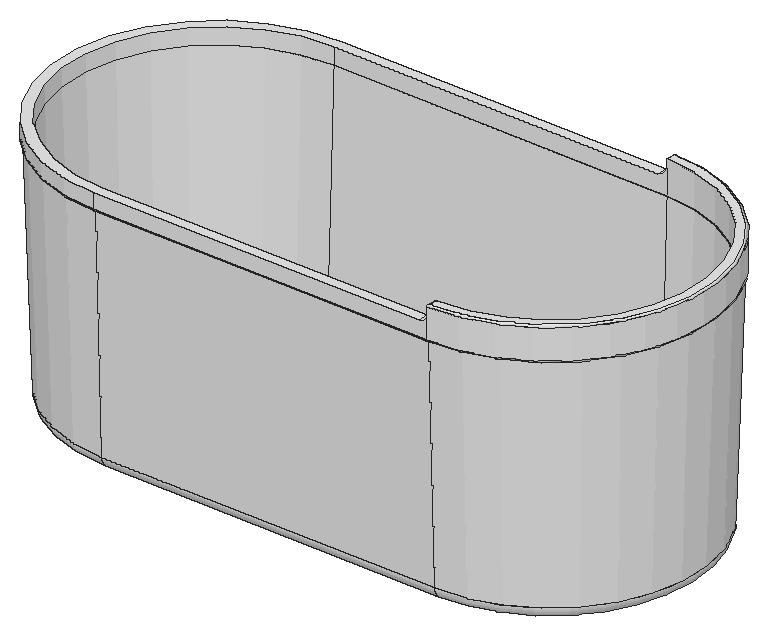
Revit family
Reference planes (m)
  plane 1 "Center (Front/Back)": y = 0
  plane 2: z = 0
  plane 3 "Center (Left/Right)": x = 0
  plane 4: x = 0.5
Forms (m)
  Sweep 1, solid, material "Plastico Branco"
    path origin (0, 0, 0) x (1, 0, 0) y (0, 1, 0)
      loop
        line (-0.5, -0.4) -> (0.5, -0.4)
        arc (0.5, -0.4) -> (0.9, 0) -> (0.5, 0.4) r 0.4
        line (0.5, 0.4) -> (-0.5, 0.4)
        arc (-0.5, 0.4) -> (-0.9, 0) -> (-0.5, -0.4) r 0.4
    profile origin (-0.9, 0, 0) x (-1, 0, 0) y (0, 0, 1)
      loop
        arc (0, 0.02) -> (0.025, 0.030355) -> (0.035355, 0.055355) r 0.035355
        line (0.035355, 0.055355) -> (0.058912, 0.729944) -> (0.033897, 0.729944) -> (0.010351, 0.055662)
        arc (0.010351, 0.055662) -> (0.00743, 0.048142) -> (0, 0.045) r 0.010355
        line (0, 0.045) -> (-0.13, 0.045) -> (-0.13, 0.02) -> (0, 0.02)
  Extrusion 2, solid, material "Plastico Branco"
    sketch origin (0, 0, 0) x (1, 0, 0) y (0, 1, 0)
      loop
        line (-0.5, -0.27) -> (0.5, -0.27)
        arc (0.5, -0.27) -> (0.77, 0) -> (0.5, 0.27) r 0.27
        line (0.5, 0.27) -> (-0.5, 0.27)
        arc (-0.5, 0.27) -> (-0.77, 0) -> (-0.5, -0.27) r 0.27
    from 0.02 to 0.055662
  Sweep 3, solid, material "Plastico Branco"
    path in 3D
      loop
        line (-0.5, 0.458912, 0.729944) -> (0.5, 0.458912, 0.729944)
        arc (0.5, 0.458912, 0.729944) -> (0.958912, 0, 0.729944) -> (0.5, -0.458912, 0.729944) r 0.458912
        line (0.5, -0.458912, 0.729944) -> (-0.5, -0.458912, 0.729944)
        arc (-0.5, -0.458912, 0.729944) -> (-0.958912, 0, 0.729944) -> (-0.5, 0.458912, 0.729944) r 0.458912
    profile origin (-0.958912, 0, 0.729944) x (-1, 0, 0) y (0, 0, 1)
      loop
        line (-0.025015, 0) -> (0, 0)
        arc (0, 0) -> (0.003525, 0.00146) -> (0.004985, 0.004985) r 0.004985
        line (0.004985, 0.004985) -> (0.004985, 0.095015)
        arc (0.004985, 0.095015) -> (0.003525, 0.09854) -> (0, 0.1) r 0.004985
        line (0, 0.1) -> (-0.025015, 0.1) -> (-0.025015, 0)
  Extrusion 4, void
    sketch origin (0, 0, 0) x (1, 0, 0) y (0, 0, 1)
      loop
        line (-1.014768, 0.779944) -> (0.475, 0.779944)
        arc (0.475, 0.779944) -> (0.492678, 0.787266) -> (0.5, 0.804944) r 0.025
        line (0.5, 0.804944) -> (0.5, 0.824944)
        arc (0.5, 0.824944) -> (0.501464, 0.82848) -> (0.505, 0.829944) r 0.005
        line (0.505, 0.829944) -> (0.505, 0.844944) -> (-1.014768, 0.871472) -> (-1.014768, 0.779944)
    from -0.833852 to 0.697273
Cuts and joins
  Extrusion 4 cuts Sweep 3
Lines and regions (m)
  sketch lines
    curve 1: arc (-0.5, -0.458912, 0.729944) -> (-0.958912, 0, 0.729944) -> (-0.5, 0.458912, 0.729944) r 0.458912
    curve 2: line (-0.5, 0.458912, 0.729944) -> (0.5, 0.458912, 0.729944)
    curve 3: line (0.5, -0.458912, 0.729944) -> (-0.5, -0.458912, 0.729944)
    curve 4: arc (0.5, 0.458912, 0.729944) -> (0.958912, 0, 0.729944) -> (0.5, -0.458912, 0.729944) r 0.458912
